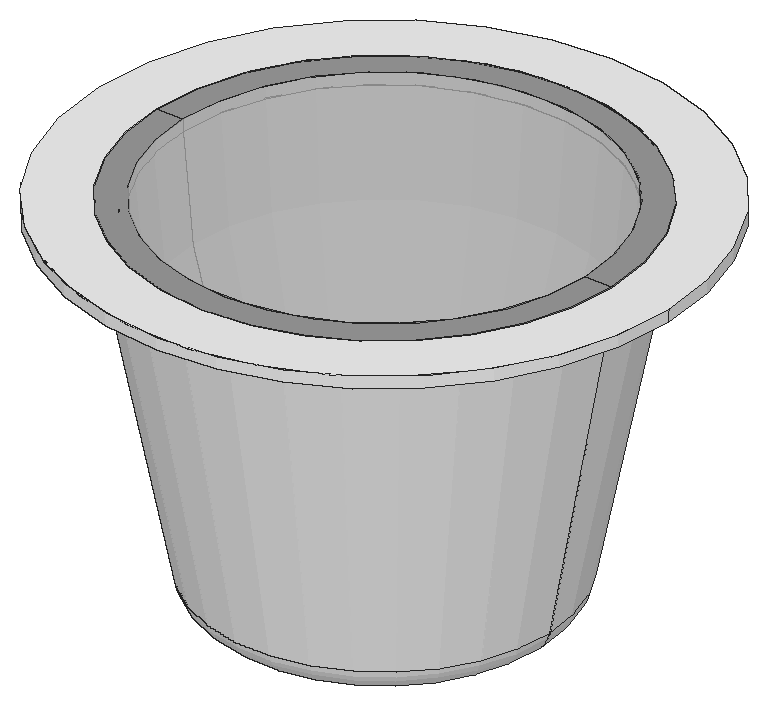
Revit family "2060528 Sylvania Lighting Fixture ASCENT100 II ARCH 1200 4K DALI EMG 120", category Lighting Fixtures, host Face, Revit 2016
Family settings
  Host = Face
  Part Type = Normal
  Round Connector Dimension = Use Diameter
  OmniClass Number = 23.80.70.11.17
  OmniClass Title = Specialized Lighting by Location or Use
  Cut with Voids When Loaded = No
  Light Source = Yes
  Shared = No
  Room Calculation Point = No
Parameters (values of type "2060528 ASCT100 II ARCH 1200 4K DALI EMG 120 Emergency mode")
  Weight = "1.43 kg"
  WarrantyStartDate [instance] = "n/a"
  WarrantyGuarantorParts = "n/a"
  WarrantyDurationUnit = "n/a"
  WarrantyDurationParts = "n/a"
  WarrantyDescription = "n/a"
  Voltage = 0 V
  TypeName = "ASCT100 II ARCH 1200 4K DALI EMG 120 Emergency mode"
  SerialNumber [instance] = "n/a"
  ReflectorRadius_SYL = Radius_SYL - 15.0 mm  # 60.0 mm
  PowerFactor = 0
  PowerConsumption = "12 W"
  NominalWidth = 0.0 mm
  NominalLength = 0.0 mm
  NominalHeight = 94.0 mm
  Name = "ASCT100 II ARCH 1200 4K DALI EMG 120 Emergency mode"
  ModelReference = "ASCT100 II ARCH 1200 4K DALI EMG 120 Emergency mode"
  ModelNumber = "2060528"
  Material_4_SYL = Aluminium_Sylvania_Ascent_Silver
  Radius_SYL = 75.0 mm
  Wattage = 1.67647 W
  built-in parameter 1150110 = 1 (stored number, unit not read)
  URL = "http://www.sylvania-lighting.com"
  built-in parameter 1114217 = 1 (stored number, unit not read)
  Tilt Angle = -90°
  built-in parameter 1150109 = 1 (stored number, unit not read)
  built-in parameter 1150134 = 12
  built-in parameter 1150113 = 1 (stored number, unit not read)
  Photometric Web File = "2060528EM.ies"
  Material = "aluminium housing, acrylic diffuser"
  ManufacturerName = "Feilo Sylvania"
  LuminousEfficacy = "102 lm/W"
  LuminaireType = ""
  LightOutputRatio = "100"
  LampsType = Lamp  # "LED"
  LampNominalLuminous = "1228 lm"
  LampMacAdamStep = "n/a"
  LampColourTemperature = "4000 K"
  LampColourRenderingIndex = "80"
  Keynote = "16500"
  InstallationDate [instance] = "n/a"
  InputVoltage = "n/a"
  InputNominalFrequency = "n/a"
  IngressProtection = "IP40"
  ImpactProtectionIndex = "IK02"
  IfcExportType = "IfcLightFixtureType"
  IfcExportAs = "IfcLightFixtureType"
  Height_SYL = 94.0 mm
  ExpectedLife = 50000
  Emit from Circle Diameter = 2 * DiffuserRadius_SYL  # 106.0 mm
  Emit Shape Visible in Rendering = no
  ElectricShockClassification = "Class II"
  DurationUnit = "hours"
  DocumentationLiterature = "http://www.sylvania-lighting.com/product/en-int/products/2060528"
  DimmingControlOptions = "n/a"
  DiffuserRadius_SYL = ReflectorRadius_SYL - 7.0 mm  # 53.0 mm
  Material_3_SYL = Polycarbonate_Sylvania_Ascent_Clear
  Diameter_SYL = 2 * Radius_SYL  # 150.0 mm
  CutoutDiameter_SYL = Diameter_SYL - 13.0 mm  # 137.0 mm
  CreatedOn = "9/17/2018"
  CreatedBy = "@sylvania-lighting.com"
  built-in parameter 1114216 [instance] = 1 (stored number, unit not read)
  Model = "ASCT100 II ARCH 1200 4K DALI EMG 120 Emergency mode"
  Manufacturer = "Feilo Sylvania"
  built-in parameter 1150105 = 13.608 (stored number, unit not read)
  Lumens = 171 lm
  built-in parameter 1150115 = 1 (stored number, unit not read)
  built-in parameter 1150137 = (empty or 0)
  built-in parameter 1150139 = (empty or 0)
  built-in parameter 1150112 = 1 (stored number, unit not read)
  built-in parameter 1150114 = 1 (stored number, unit not read)
  Lamp = "LED"
  built-in parameter 1150132 = 2
  built-in parameter 1150102 = (empty or 0)
  built-in parameter 1150107 = 4000 (stored number, unit not read)
  built-in parameter 1150138 = (empty or 0)
  built-in parameter 1150106 = 0.13608 (stored number, unit not read)
  Material_1_SYL = Aluminum_Sylvania_Ascent_White
  built-in parameter 1150104 = 9.4761 (stored number, unit not read)
  Dimming Lamp Color Temperature Shift = <None>
  Description = "Direct LED retro fit for original LED 100 Arch (120) single CFL lamp offering Matching lumen levels and improved light distribution of original LED 100 CFL lamp equivalents Typically half the power consumption compared to CFL Up to 104lm/W 120mm aperture Architectural reflector accepts range of glass accessories from existing LED 100 Arch 120 offering HE, HO and VHO versions equivalent of single 1 x 13W, 1 x 18W, 1 x 26W Additional VVHO versions which offer the performance circa 2 x 26W equivalent"  # constant formula
  Default Elevation = 0.0 mm
  Color Filter = 16777215
  built-in parameter 1140040 [instance] = 1
  BarCode [instance] = "n/a"
  built-in parameter 1114218 = 1 (stored number, unit not read)
  built-in parameter 1150133 = 10 (stored number, unit not read)
  AssetType = "Fixed"
  AssetIdentifier [instance] = "n/a"
  Assembly Code = "D5020200"
  Apparent Load = 1.67647 VA
  Aperture_SYL = 2 * ReflectorRadius_SYL  # 120.0 mm
  Material_2_SYL = Aluminum_Sylvania_Ascent_White
Types (2, lengths in mm): name | TypeName | Name | ModelReference | Wattage | Photometric Web File | Model | built-in parameter 1150105 | Lumens | built-in parameter 1150106 | Apparent Load
  2060528 ASCT100 II ARCH 1200 4K DALI EMG 120 Emergency mode | "ASCT100 II ARCH 1200 4K DALI EMG 120 Emergency mode" | "ASCT100 II ARCH 1200 4K DALI EMG 120 Emergency mode" | "ASCT100 II ARCH 1200 4K DALI EMG 120 Emergency mode" | 1.67647 W | "2060528EM.ies" | "ASCT100 II ARCH 1200 4K DALI EMG 120 Emergency mode" | 13.608 (stored number, unit not read) | 171 lm | 0.13608 (stored number, unit not read) | 1.67647 VA
  2060528 ASCT100 II ARCH 1200 4K DALI EMG 120 | "ASCENT100 II ARCH 1200 4K DALI EMG 120" | "ASCENT100 II ARCH 1200 4K DALI EMG 120" | "ASCENT100 II ARCH 1200 4K DALI EMG 120" | 12 W | "2060528.ies" | "ASCENT100 II ARCH 1200 4K DALI EMG 120" | 97.403 (stored number, unit not read) | 1224 lm | 0.97403 (stored number, unit not read) | 12 VA
Reference planes
  plane 1 "Center (Front/Back)": y = 0
  plane 2: z = 0
  plane 3 "Center (Left/Right)": x = 0
  plane 4 "Fixture Bottom": z = 3
  plane 5: z = -52.5
  plane 6 "Fixture Top": z = -91
Forms (mm)
  Extrusion 1, solid, material "Aluminum_Sylvania_Ascent_White" <- "Material_2_SYL", detail levels fine
    sketch origin (0, 0, 0) x (1, 0, 0) y (0, 1, 0)
      loop
        circle (0, 0) r 75
      loop
        circle (0, 0) r 60
    from 0 to 3
  Extrusion 2, void
    sketch origin (0, 0, 0) x (1, 0, 0) y (0, 1, 0)
      loop
        circle (0, 0) r 68.5
    from -91 to 3
  Revolve 3, solid, material "Aluminum_Sylvania_Ascent_White" <- "Material_1_SYL", detail levels fine
    sketch origin (0, 0, 0) x (1, 0, 0) y (0, 0, 1)
      loop
        line (0, -91.073) -> (0, -89.023) -> (-35.468, -89.014)
        arc (-35.468, -89.014) -> (-39.352, -87.613) -> (-41.54, -84.139) r 6.307
        line (-41.54, -84.139) -> (-57.991, -2.844) -> (-57.991, 0) -> (-60, 0) -> (-60, -3) -> (-43.5, -84.536)
        arc (-43.5, -84.536) -> (-40.643, -89.203) -> (-35.5, -91.073) r 8.291
        line (-35.5, -91.073) -> (0, -91.073)
      axis (0, 0) -> (0, -91.073)
    angle from 0 to 360
  Revolve 4, solid, material "Aluminium_Sylvania_Ascent_Silver" <- "Material_4_SYL", detail levels fine
    sketch origin (0, 0, 0) x (1, 0, 0) y (0, 0, 1)
      loop
        line (-60, 3) -> (-60, 0) -> (-55, 0)
        arc (-55, 0) -> (-52.349, -26.77) -> (-44.5, -52.5) r 136.5
        line (-44.5, -52.5) -> (-38, -52.5)
        arc (-38, -52.5) -> (-36.857, -61.521) -> (-33.5, -69.971) r 36.166
        line (-33.5, -69.971) -> (0, -69.971) -> (0, -50.5) -> (-43.16, -50.5)
        arc (-43.16, -50.5) -> (-50.517, -25.725) -> (-53, 0) r 134.5
        line (-53, 0) -> (-53, 3) -> (-60, 3)
      axis (0, 3) -> (0, -69.971)
    angle from 0 to 360
  Extrusion 5, solid, material "Polycarbonate_Sylvania_Ascent_Clear" <- "Material_3_SYL", detail levels fine
    sketch origin (0, 0, 0) x (1, 0, 0) y (0, 1, 0)
      loop
        circle (0, 0) r 53
    from 0 to 3
  Revolve 6, solid, material "Aluminum_Sylvania_Ascent_White" <- "Material_2_SYL", detail levels coarse+medium
    sketch origin (0, 0, 0) x (1, 0, 0) y (0, 0, 1)
      loop
        line (0, -91.073) -> (0, 3) -> (-75, 3) -> (-75, 0) -> (-60, 0) -> (-60, -3) -> (-43.5, -84.536)
        arc (-43.5, -84.536) -> (-40.643, -89.203) -> (-35.5, -91.073) r 8.291
        line (-35.5, -91.073) -> (0, -91.073)
      axis (0, 3) -> (0, -91.073)
    angle from 0 to 360
Dimensions and locks
  locked: plane 4 "Fixture Bottom" to plane 2 at 3
  "Height_SYL": plane 4 "Fixture Bottom" to plane 6 "Fixture Top"
  "ReflectorRadius_SYL": plane 3 "Center (Left/Right)" to Revolve 4 sketch curve
  locked: Revolve 4 sketch curve to Revolve 4 sketch curve at 15.5
  locked: Revolve 4 sketch curve to Revolve 4 sketch curve at 5
  locked: Revolve 4 sketch curve to Revolve 4 sketch curve at 7
  locked: Revolve 4 sketch curve to Revolve 4 sketch curve at 22
  locked: Revolve 4 sketch curve to Revolve 4 sketch curve at 26.5
  locked: Revolve 3 sketch curve to Revolve 3 sketch curve at 16.5
  locked: Revolve 3 sketch curve to Revolve 3 sketch curve at 24.5
  "ReflectorRadius_SYL": Revolve 3 sketch curve to plane 3 "Center (Left/Right)"
  locked: Revolve 3 sketch curve to plane 6 "Fixture Top" at 6.464
  locked: plane 2 to Revolve 3 sketch curve at 3
  locked: Revolve 3 sketch curve to Revolve 3 sketch curve at 2
  locked: Revolve 3 sketch curve to Revolve 3 sketch curve at 2.009
  locked: plane 2 to plane 5 at 52.5
  locked: Revolve 6 sketch curve to Revolve 6 sketch curve at 31.5
  locked: Revolve 6 sketch curve to Revolve 6 sketch curve at 39.5
  locked: Revolve 6 sketch curve to Revolve 6 sketch curve at 15
  "Radius_SYL": plane 3 "Center (Left/Right)" to Revolve 6 sketch curve
  "CutoutDiameter_SYL": diameter of Extrusion 2 sketch curve
  "ReflectorRadius_SYL": radius of Extrusion 1 sketch curve
  "DiffuserRadius_SYL": radius of Extrusion 5 sketch curve
  "Radius_SYL": radius of Extrusion 1 sketch curve
  aligned and locked: host face to plane 2
  aligned and locked: host face to level
  aligned and locked: plane 1 "Center (Front/Back)" to imposter light
  aligned and locked: plane 3 "Center (Left/Right)" to imposter light
  aligned and locked: plane 4 "Fixture Bottom" to Extrusion 1
  aligned and locked: Extrusion 1 to plane 2
  aligned and locked: Revolve 3 sketch curve to plane 3 "Center (Left/Right)"
  aligned and locked: Revolve 4 sketch curve to plane 3 "Center (Left/Right)"  (x2)
  aligned and locked: plane 4 "Fixture Bottom" to Revolve 4 sketch curve
  aligned and locked: Revolve 3 sketch curve to imposter light
  aligned and locked: Extrusion 5 to plane 2
  aligned and locked: imposter light to Extrusion 5
  aligned and locked: plane 2 to Revolve 3 sketch curve  (x2)
  aligned and locked: Revolve 6 sketch curve to imposter light
  aligned and locked: Revolve 6 sketch curve to plane 3 "Center (Left/Right)"
  aligned and locked: plane 6 "Fixture Top" to Extrusion 2
  aligned and locked: imposter light to Extrusion 2
  aligned and locked: imposter light to plane 4 "Fixture Bottom"
Automatic sketch dimensions
  plane 1 "Center (Front/Back)" to Extrusion 2 sketch curve = 0.0 mm
  Extrusion 2 sketch curve to plane 3 "Center (Left/Right)" = 0.0 mm
  Extrusion 1 sketch curve to Extrusion 1 sketch curve = 0.0 mm  (x2)
  plane 1 "Center (Front/Back)" to Extrusion 1 sketch curve = 0.0 mm
  Extrusion 1 sketch curve to plane 3 "Center (Left/Right)" = 0.0 mm
  plane 6 "Fixture Top" to Revolve 3 sketch curve = 0.073 mm
  Revolve 3 sketch curve to plane 6 "Fixture Top" = 6.861 mm
  Revolve 3 sketch curve to Revolve 3 sketch curve = 0.003 mm
  Revolve 3 sketch curve to Revolve 3 sketch curve = 0.009 mm  (x2)
  Revolve 3 sketch curve to Revolve 3 sketch curve = 0.023 mm
  Revolve 3 sketch curve to Revolve 3 sketch curve = 0.072 mm
  Revolve 3 sketch curve to Revolve 3 sketch curve = 0.008 mm
  Revolve 3 sketch curve to plane 6 "Fixture Top" = 1.977 mm
  Revolve 3 sketch curve to Revolve 3 sketch curve = 33.496 mm
  Revolve 3 sketch curve to Revolve 3 sketch curve = 0.028 mm
  plane 4 "Fixture Bottom" to Revolve 3 sketch curve = 82.431 mm
  Revolve 4 sketch curve to Revolve 4 sketch curve = 0.0 mm  (x2)
  Revolve 4 sketch curve to plane 5 = 0.0 mm
  Revolve 4 sketch curve to level = 0.0 mm
  plane 5 to Revolve 4 sketch curve = 2.0 mm
  plane 4 "Fixture Bottom" to Revolve 4 sketch curve = 9.642 mm
  plane 1 "Center (Front/Back)" to Extrusion 5 sketch curve = 0.0 mm
  Extrusion 5 sketch curve to plane 3 "Center (Left/Right)" = 0.0 mm
  Revolve 4 sketch curve to level = 69.971 mm
  Revolve 4 sketch curve to Revolve 4 sketch curve = 2.387 mm
  Revolve 6 sketch curve to level = 0.0 mm
  Revolve 6 sketch curve to plane 3 "Center (Left/Right)" = 0.0 mm
  Revolve 6 sketch curve to Revolve 6 sketch curve = 8.104 mm
  Revolve 6 sketch curve to level = 3.0 mm
  Revolve 6 sketch curve to plane 6 "Fixture Top" = 6.464 mm
  plane 6 "Fixture Top" to Revolve 6 sketch curve = 0.073 mm
  Revolve 6 sketch curve to Revolve 6 sketch curve = 33.496 mm
  plane 4 "Fixture Bottom" to Revolve 6 sketch curve = 82.431 mm
  host sketch curve to host sketch curve = 1368.192 mm
  host sketch curve to host sketch curve = 1600.367 mm
Connectors
  electrical at (0, 0, -91.073), driven by "Apparent Load"
    settings: on Revolve 3, index 1, voltage 240 V, apparent load 0 VA, apparent load phase1 1.67647 VA, apparent load phase2 0 VA, apparent load phase3 0 VA, power factor 1, load classification "Lighting", number of poles 1, system type 31, power factor state 1, is connector primary yes, connector utility no, sub classification motor no, connector description ""
